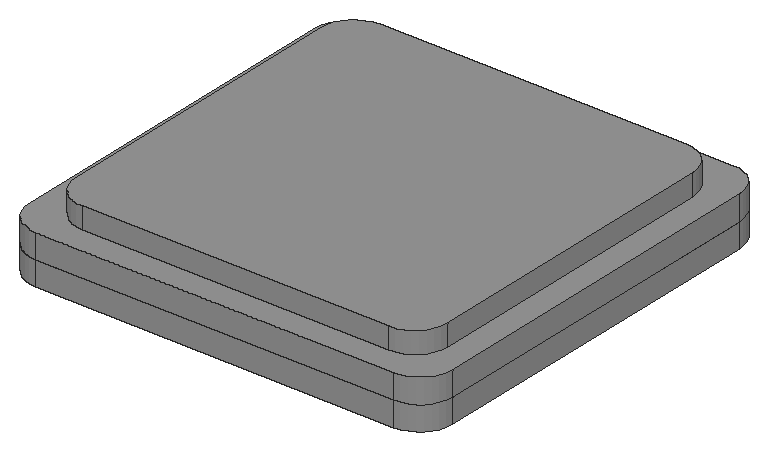
Revit family "FMS2_63_UN_Surface-mounted_ETK", category Lighting Fixtures, Revit 2019 (continued)
Definition of nested family "FMS.2 - Lightsource"
  Types (14, lengths in mm): name | Wattage Comments | Wattage | built-in parameter 1150134 | Photometric Web File | built-in parameter 1150142 | built-in parameter 1150105 | Lumens | built-in parameter 1150107 | built-in parameter 1150106 | Apparent Load
      3.2352\t462.4653\t461.567\t460.6688\r\n459.6422\t458.744\t457.7174\t456.6909\t455.6643\t454.5094\t453.4829\t452.4563\t451.3014\t449.505\r\n447.5802\t445.6554\t443.7306\t441.8058\t439.881\t437.8278\t435.6464\t433.5933\t431.5402\t429.487\r\n427.4339\t425.2525\t423.1994\t421.1462\t418.8365\t416.655\t414.4736\t412.2922\t410.1107\t407.801\r\n405.4912\t403.1814\t400.7434\t398.5619\t396.2522\t393.6858\t390.8627\t388.0397\t385.2166\t382.2653\r\n379.4422\t376.4909\t373.4112\t370.4598\t367.5085\t364.5571\t361.6058\t358.7827\t355.8314\t352.88\r\n349.9286\t346.9773\t344.1542\t341.2029\t338.2515\t335.1718\t332.2205\t329.2691\t326.3178\t323.1098\r\n319.7734\t316.3088\t312.8442\t309.3795\t306.0432\t302.7069\t299.2422\t295.9059\t292.5696\t289.2333\r\n285.897\t282.4323\t279.096\t275.7597\t272.295\t268.9587\t265.6224\t262.2861\t258.9498\t255.7418\r\n252.2771\t248.8125\t245.2195\t241.7549\t238.1619\t234.6973\t231.1043\t227.6397\t224.175\t220.7104\r\n217.1174\t213.7811\t210.3165\t206.8518\t203.3872\t200.0509\t196.5862\t193.2499\t189.7853\t186.3206\r\n182.5994\t179.0064\t175.5418\t171.9488\t168.3558\t164.8912\t161.4266\t157.8336\t154.2406\t150.776\r\n147.183\t143.7184\t140.2538\t136.6608\t133.1962\t129.7315\t126.3439\t122.9691\t119.5942\t116.2323\r\n112.8831\t109.5468\t106.2105\t102.8998\t99.602\t96.3042\t93.0192\t89.747\t86.4877\t83.2412\r\n79.9947\t76.7482\t73.8867\t71.0764\t68.2791\t65.4945\t62.71\t59.9383\t57.1794\t54.4205\r\n51.6745\t48.9284\t46.1952\t43.462\t40.7288\t38.0084\t34.8004\t29.7702\t24.7401\t19.71\r\n14.6798\t9.6548\t4.6259\t0\t0\t0\t0\t0\t0\t0\r\n0\r\n473.6291\t473.1158\t472.6026\t471.961\t471.4477\t470.8061\t470.2928\t469.6512\t469.0096\t468.368\r\n467.7264\t466.9565\t466.1866\t465.4166\t464.6467\t463.8768\t463.1069\t462.337\t461.567\t460.7971\r\n459.8989\t458.8723\t457.9741\t457.0758\t456.0493\t455.0227\t453.9962\t452.0714\t450.2749\t448.4784\r\n446.6819\t444.7571\t442.8323\t440.9075\t438.9827\t437.0579\t435.1331\t433.2083\t431.1552\t429.1021\r\n427.049\t424.9958\t422.9427\t420.8896\t418.7082\t416.655\t414.6019\t412.5488\t410.3674\t408.1859\r\n406.0045\t403.823\t401\t398.177\t395.4822\t392.5309\t389.7078\t386.7565\t383.9334\t381.2387\r\n378.4157\t375.5926\t372.7696\t369.9466\t367.1235\t364.3005\t361.4774\t358.6544\t355.703\t352.88\r\n350.057\t347.2339\t344.2826\t341.4595\t338.5082\t335.1718\t331.8355\t328.6275\t325.2912\t321.9549\r\n318.6186\t315.2822\t311.9459\t308.6096\t305.2733\t301.937\t298.6006\t295.2643\t291.928\t288.72\r\n285.3837\t282.0474\t278.8394\t275.503\t272.295\t268.9587\t265.4941\t261.9011\t258.4365\t254.9718\r\n251.5072\t248.0426\t244.5779\t241.1133\t237.5203\t234.0557\t230.591\t227.1264\t223.6618\t220.1971\r\n216.8608\t213.3962\t209.9315\t206.5952\t203.2589\t199.7942\t196.2013\t192.6083\t189.0154\t185.4224\r\n181.8294\t178.2365\t174.6435\t171.1789\t167.5859\t164.1213\t160.5283\t157.0637\t153.599\t150.1344\r\n146.5414\t143.0768\t139.6122\t136.1475\t132.8112\t129.3466\t125.9461\t122.5584\t119.1708\t115.796\r\n112.4212\t109.0592\t105.71\t102.3609\t99.0245\t95.7011\t92.3904\t89.0797\t85.7819\t82.5483\r\n79.6739\t76.8124\t73.9508\t71.1021\t68.2534\t65.4175\t62.5817\t59.7458\t56.9099\t54.0997\r\n51.2767\t48.4665\t45.6563\t42.8589\t40.0615\t36.43\t31.4641\t26.4981\t21.5321\t16.5533\r\n11.5873\t6.6187\t1.6476\t0\t0\t0\t0\t0\t0\t0\r\n0\r\n473.6291\t473.1158\t472.4742\t471.961\t471.3194\t470.6778\t470.1645\t469.5229\t468.8813\t468.2397\r\n467.5981\t466.9565\t466.1866\t465.4166\t464.6467\t463.8768\t463.1069\t462.337\t461.567\t460.7971\r\n460.0272\t459.2573\t458.359\t457.4608\t456.5626\t455.0227\t453.2262\t451.4298\t449.6333\t447.7085\r\n445.912\t444.1155\t442.1907\t440.3942\t438.4694\t436.5446\t434.6198\t432.695\t430.7702\t428.8454\r\n426.9206\t424.9958\t423.071\t421.0179\t418.9648\t417.04\t414.9869\t412.9338\t410.7523\t408.0576\r\n405.3629\t402.6682\t399.9734\t397.2787\t394.584\t391.761\t389.0662\t386.2432\t383.5485\t380.7254\r\n377.9024\t375.2077\t372.3846\t369.6899\t366.8669\t364.1722\t361.3491\t358.6544\t355.9597\t353.265\r\n350.4419\t347.3622\t344.0259\t340.8179\t337.4816\t334.1453\t330.9373\t327.601\t324.393\t321.0566\r\n317.8486\t314.5123\t311.3043\t307.968\t304.76\t301.552\t298.344\t295.0077\t291.7997\t288.5917\r\n285.2554\t282.0474\t278.711\t275.1181\t271.6534\t268.1888\t264.7242\t261.2595\t257.7949\t254.4586\r\n250.9939\t247.5293\t244.0646\t240.6\t237.2637\t233.799\t230.3344\t226.9981\t223.5334\t220.0688\r\n216.7325\t213.2678\t209.6749\t206.0819\t202.489\t199.0243\t195.4314\t191.8384\t188.2454\t184.7808\r\n181.1878\t177.7232\t174.1302\t170.5373\t167.0726\t163.4797\t160.015\t156.5504\t152.9574\t149.4928\r\n146.0282\t142.6918\t139.2272\t135.8909\t132.4262\t129.0899\t125.7023\t122.3018\t118.9141\t115.5265\r\n112.1388\t108.764\t105.3892\t102.0144\t98.6396\t95.2776\t91.9156\t88.6306\t85.6664\t82.7279\r\n79.7765\t76.8508\t73.9252\t71.0123\t68.0994\t65.2122\t62.325\t59.4507\t56.5635\t53.6891\r\n50.8276\t47.966\t45.0916\t42.2429\t38.4703\t33.5428\t28.6154\t23.675\t18.7476\t13.8201\r\n8.8849\t3.9535\t0\t0\t0\t0\t0\t0\t0\t0\r\n0\r\n473.6291\t473.1158\t472.4742\t471.8326\t471.191\t470.6778\t470.0362\t469.3946\t468.753\t468.1114\r\n467.4698\t466.8282\t466.1866\t465.4166\t464.6467\t464.0051\t463.2352\t462.4653\t461.6954\t460.9254\r\n460.1555\t459.3856\t458.6157\t457.8458\t456.1776\t454.3811\t452.5846\t450.7882\t448.9917\t447.1952\r\n445.3987\t443.6022\t441.8058\t440.0093\t438.2128\t436.288\t434.4915\t432.5667\t430.6419\t428.8454\r\n426.9206\t424.9958\t423.071\t421.1462\t419.3498\t417.425\t415.2435\t412.5488\t409.9824\t407.2877\r\n404.593\t401.8982\t399.2035\t396.5088\t393.9424\t391.1194\t388.553\t385.8582\t383.1635\t380.4688\r\n377.7741\t375.0794\t372.513\t369.8182\t366.9952\t364.3005\t361.6058\t358.911\t355.8314\t352.6234\r\n349.4154\t346.2074\t342.9994\t339.7914\t336.5834\t333.3754\t330.1674\t326.9594\t323.7514\t320.5434\r\n317.3354\t314.1274\t310.9194\t307.7114\t304.6317\t301.4237\t298.2157\t295.0077\t291.928\t288.4634\r\n284.9987\t281.5341\t278.0694\t274.6048\t271.1402\t267.6755\t264.2109\t260.7462\t257.4099\t253.9453\r\n250.609\t247.1443\t243.808\t240.3434\t237.007\t233.6707\t230.2061\t226.8698\t223.5334\t219.9405\r\n216.3475\t212.7546\t209.1616\t205.5686\t201.9757\t198.3827\t194.9181\t191.3251\t187.8605\t184.2675\r\n180.8029\t177.2099\t173.7453\t170.2806\t166.6877\t163.223\t159.6301\t156.1654\t152.7008\t149.2362\r\n145.7715\t142.3069\t138.9706\t135.5059\t132.0413\t128.705\t125.266\t121.8655\t118.4779\t115.0774\r\n111.6897\t108.3021\t104.9144\t101.5396\t98.1648\t94.79\t91.8001\t88.8231\t85.8461\t82.8691\r\n79.9049\t76.9407\t73.9893\t71.038\t68.0866\t65.1352\t62.1839\t59.2453\t56.294\t53.3555\r\n50.4169\t47.4784\t44.5399\t40.8956\t35.9809\t31.0791\t26.1644\t21.2626\t16.3608\t11.45\r\n6.5443\t1.6399\t0\t0\t0\t0\t0\t0\t0\t0\r\n0\r\n473.6291\t473.1158\t472.4742\t471.8326\t471.191\t470.5494\t469.9078\t469.2662\t468.6246\t467.983\r\n467.3414\t466.6998\t466.0582\t465.4166\t464.775\t464.0051\t463.3635\t462.5936\t461.8237\t461.1821\r\n460.4122\t459.6422\t458.8723\t457.2042\t455.4077\t453.7395\t452.0714\t450.2749\t448.6067\t446.9386\r\n445.1421\t443.3456\t441.5491\t439.7526\t437.9562\t436.1597\t434.3632\t432.5667\t430.7702\t428.9738\r\n427.1773\t425.2525\t423.456\t421.6595\t419.6064\t416.9117\t414.3453\t411.7789\t409.0842\t406.5178\r\n403.9514\t401.2566\t398.6902\t396.1238\t393.5574\t390.8627\t388.2963\t385.7299\t383.0352\t380.4688\r\n377.7741\t375.2077\t372.513\t369.8182\t367.2518\t364.5571\t361.3491\t358.2694\t355.0614\t351.8534\r\n348.7738\t345.5658\t342.3578\t339.2781\t336.0701\t332.9904\t329.7824\t326.5744\t323.4947\t320.2867\r\n317.207\t313.999\t310.791\t307.7114\t304.5034\t301.2954\t298.0874\t294.6227\t291.1581\t287.8218\r\n284.3571\t280.8925\t277.5562\t274.0915\t270.7552\t267.2906\t263.8259\t260.4896\t257.1533\t253.6886\r\n250.3523\t247.016\t243.5514\t240.215\t236.8787\t233.5424\t230.0778\t226.4848\t222.8918\t219.4272\r\n215.8342\t212.2413\t208.6483\t205.0554\t201.5907\t197.9978\t194.4048\t190.9402\t187.3472\t183.8826\r\n180.2896\t176.825\t173.3603\t169.7674\t166.3027\t162.8381\t159.3734\t155.9088\t152.4442\t148.9795\r\n145.5149\t142.1786\t138.7139\t135.2493\t131.913\t128.4483\t125.035\t121.6089\t118.1956\t114.7694\r\n111.3689\t107.9556\t104.5551\t101.1547\t97.9467\t94.944\t91.9284\t88.9258\t85.9102\t82.9076\r\n79.9049\t76.9022\t73.8995\t70.9096\t67.9069\t64.9171\t61.9272\t58.9374\t55.9604\t52.9705\r\n49.9935\t47.0036\t43.7186\t38.8296\t33.9278\t29.0388\t24.137\t19.248\t14.359\t9.4598\r\n4.5656\t0\t0\t0\t0\t0\t0\t0\t0\t0\r\n0\r\n473.6291\t472.9875\t472.3459\t471.7043\t471.191\t470.5494\t469.9078\t469.2662\t468.6246\t467.983\r\n467.3414\t466.6998\t466.0582\t465.4166\t464.6467\t464.0051\t463.3635\t462.7219\t462.0803\t461.3104\r\n460.6688\t459.8989\t458.4874\t456.8192\t455.151\t453.3546\t451.6864\t449.8899\t448.2218\t446.4253\r\n444.7571\t443.089\t441.2925\t439.6243\t437.8278\t436.1597\t434.3632\t432.5667\t430.7702\t428.9738\r\n427.1773\t425.3808\t423.7126\t421.4029\t418.8365\t416.3984\t413.832\t411.2656\t408.6992\t406.1328\r\n403.5664\t401\t398.4336\t395.8672\t393.3008\t390.7344\t388.168\t385.6016\t383.0352\t380.4688\r\n377.9024\t375.336\t372.7696\t370.0749\t367.1235\t363.9155\t360.8358\t357.6278\t354.5482\t351.4685\r\n348.2605\t345.1808\t342.1011\t339.0214\t335.8134\t332.7338\t329.6541\t326.4461\t323.3664\t320.1584\r\n317.0787\t313.999\t310.791\t307.7114\t304.375\t301.0387\t297.5741\t294.2378\t290.7731\t287.4368\r\n283.9722\t280.6358\t277.1712\t273.8349\t270.4986\t267.0339\t263.6976\t260.3613\t256.8966\t253.5603\r\n250.224\t246.8877\t243.423\t240.0867\t236.6221\t233.1574\t229.5645\t226.0998\t222.5069\t218.9139\r\n215.4493\t211.8563\t208.3917\t204.7987\t201.3341\t197.7411\t194.2765\t190.6835\t187.2189\t183.6259\r\n180.1613\t176.5683\t173.1037\t169.5107\t166.0461\t162.5814\t159.1168\t155.7805\t152.3158\t148.8512\r\n145.3866\t141.9219\t138.4573\t134.9926\t131.528\t128.1532\t124.7142\t121.2752\t117.8491\t114.4101\r\n110.984\t107.5578\t104.1188\t101.0007\t97.9723\t94.944\t91.9156\t88.8873\t85.8589\t82.8434\r\n79.815\t76.7995\t73.784\t70.7556\t67.7401\t64.7246\t61.7091\t58.6936\t55.678\t52.6625\r\n49.6598\t46.6443\t42.089\t37.2\t32.2981\t27.4092\t22.5073\t17.6183\t12.7255\t7.8314\r\n2.9372\t0\t0\t0\t0\t0\t0\t0\t0\t0\r\n0\r\n473.6291\t472.9875\t472.3459\t471.7043\t471.0627\t470.4211\t469.7795\t469.1379\t468.4963\t467.8547\r\n467.2131\t466.5715\t465.9299\t465.2883\t464.6467\t464.0051\t463.3635\t462.7219\t462.0803\t461.4387\r\n460.7971\t459.7706\t458.1024\t456.5626\t454.7661\t453.0979\t451.4298\t449.7616\t448.0934\t446.4253\r\n444.6288\t442.9606\t441.2925\t439.496\t437.8278\t436.1597\t434.3632\t432.695\t430.8986\t429.2304\r\n427.4339\t425.7658\t423.456\t421.0179\t418.4515\t415.8851\t413.447\t410.8806\t408.3142\t405.8762\r\n403.3098\t400.7434\t398.177\t395.6106\t393.0442\t390.6061\t388.0397\t385.4733\t383.0352\t380.4688\r\n377.9024\t375.336\t372.6413\t369.5616\t366.4819\t363.4022\t360.3226\t357.2429\t354.1632\t351.0835\r\n348.0038\t344.9242\t341.7162\t338.6365\t335.5568\t332.4771\t329.3974\t326.3178\t323.2381\t320.1584\r\n317.0787\t313.999\t310.9194\t307.4547\t304.1184\t300.6538\t297.3174\t293.9811\t290.5165\t287.1802\r\n283.8438\t280.3792\t277.0429\t273.7066\t270.3702\t266.9056\t263.5693\t260.233\t256.7683\t253.432\r\n250.0957\t246.7594\t243.2947\t239.8301\t236.2371\t232.7725\t229.1795\t225.7149\t222.2502\t218.6573\r\n215.1926\t211.5997\t208.135\t204.5421\t201.0774\t197.6128\t194.0198\t190.5552\t187.0906\t183.4976\r\n180.033\t176.5683\t172.9754\t169.5107\t166.0461\t162.5814\t159.1168\t155.6522\t152.1875\t148.7229\r\n145.2582\t141.7936\t138.329\t134.8643\t131.3997\t127.9864\t124.5346\t121.0699\t117.6181\t114.1663\r\n110.7145\t107.2627\t104.1188\t101.0648\t98.0236\t94.9825\t91.9413\t88.9001\t85.8589\t82.8177\r\n79.7765\t76.7354\t73.707\t70.6658\t67.6246\t64.5835\t61.5551\t58.5139\t55.4727\t52.4444\r\n49.4032\t45.7461\t40.8571\t35.9553\t31.0534\t26.1516\t21.2626\t16.3608\t11.459\t6.5597\r\n1.6617\t0\t0\t0\t0\t0\t0\t0\t0\t0\r\n0\r\n473.6291\t472.9875\t472.3459\t471.7043\t471.0627\t470.4211\t469.7795\t469.1379\t468.4963\t467.8547\r\n467.2131\t466.5715\t465.9299\t465.2883\t464.6467\t464.0051\t463.3635\t462.7219\t462.0803\t461.4387\r\n460.7971\t459.5139\t457.8458\t456.1776\t454.5094\t452.8413\t451.1731\t449.505\t447.8368\t446.1686\r\n444.5005\t442.9606\t441.2925\t439.6243\t437.9562\t436.288\t434.6198\t432.8234\t431.1552\t429.487\r\n427.8189\t425.7658\t423.1994\t420.7613\t418.1949\t415.7568\t413.1904\t410.7523\t408.1859\t405.6195\r\n403.1814\t400.615\t398.177\t395.6106\t393.0442\t390.6061\t388.0397\t385.6016\t383.0352\t380.5971\r\n378.0307\t375.4643\t372.3846\t369.305\t366.2253\t363.1456\t360.0659\t356.9862\t353.9066\t350.8269\r\n347.7472\t344.6675\t341.5878\t338.5082\t335.4285\t332.4771\t329.3974\t326.3178\t323.2381\t320.1584\r\n317.0787\t313.999\t310.6627\t307.1981\t303.8618\t300.5254\t297.1891\t293.8528\t290.3882\t287.0518\r\n283.7155\t280.3792\t276.9146\t273.5782\t270.2419\t266.9056\t263.5693\t260.1046\t256.7683\t253.432\r\n250.0957\t246.631\t243.1664\t239.7018\t236.1088\t232.6442\t229.0512\t225.5866\t221.9936\t218.529\r\n215.0643\t211.4714\t208.0067\t204.4138\t200.9491\t197.4845\t193.8915\t190.4269\t186.8339\t183.3693\r\n179.9046\t176.3117\t172.847\t169.3824\t165.9178\t162.4531\t158.9885\t155.5238\t152.0592\t148.5946\r\n145.1299\t141.7936\t138.329\t134.8643\t131.3997\t127.8965\t124.4319\t120.9801\t117.5155\t114.0636\r\n110.599\t107.314\t104.26\t101.1932\t98.1391\t95.0723\t92.0183\t88.9514\t85.8974\t82.8306\r\n79.7765\t76.7225\t73.6557\t70.6017\t67.5476\t64.4936\t61.4396\t58.3856\t55.3188\t52.2647\r\n49.2107\t44.8607\t39.9588\t35.057\t30.1552\t25.2534\t20.3516\t15.4497\t10.5453\t5.6435\r\n0.741\t0\t0\t0\t0\t0\t0\t0\t0\t0\r\n0\r\n473.6291\t472.9875\t472.3459\t471.7043\t471.0627\t470.4211\t469.7795\t469.1379\t468.4963\t467.8547\r\n467.2131\t466.5715\t465.9299\t465.2883\t464.6467\t464.0051\t463.3635\t462.7219\t462.0803\t461.567\r\n460.9254\t459.2573\t457.5891\t456.0493\t454.3811\t452.713\t451.0448\t449.3766\t447.7085\t446.0403\r\n444.3722\t442.704\t441.1642\t439.496\t437.8278\t436.1597\t434.4915\t432.8234\t431.1552\t429.487\r\n427.8189\t425.5091\t422.9427\t420.5046\t417.9382\t415.5002\t413.0621\t410.4957\t408.0576\t405.4912\r\n403.0531\t400.615\t398.0486\t395.6106\t393.0442\t390.6061\t388.0397\t385.6016\t383.1635\t380.5971\r\n378.159\t375.2077\t372.128\t369.0483\t366.097\t363.0173\t359.9376\t356.9862\t353.9066\t350.8269\r\n347.7472\t344.7958\t341.7162\t338.6365\t335.5568\t332.6054\t329.5258\t326.4461\t323.3664\t320.2867\r\n317.207\t313.999\t310.5344\t307.1981\t303.8618\t300.3971\t297.0608\t293.7245\t290.3882\t286.9235\r\n283.5872\t280.2509\t276.9146\t273.5782\t270.1136\t266.7773\t263.441\t260.1046\t256.7683\t253.3037\r\n249.9674\t246.5027\t243.0381\t239.4451\t235.9805\t232.5158\t228.9229\t225.4582\t221.9936\t218.4006\r\n214.936\t211.4714\t207.8784\t204.4138\t200.9491\t197.3562\t193.8915\t190.4269\t186.8339\t183.3693\r\n179.9046\t176.44\t172.9754\t169.5107\t166.0461\t162.5814\t159.1168\t155.6522\t152.1875\t148.7229\r\n145.2582\t141.7936\t138.329\t134.8643\t131.3997\t127.8709\t124.4062\t120.9416\t117.477\t114.0123\r\n110.5477\t107.4295\t104.3627\t101.2958\t98.229\t95.1621\t92.0953\t89.0284\t85.9616\t82.8947\r\n79.8279\t76.761\t73.6942\t70.6273\t67.5605\t64.4936\t61.4268\t58.3599\t55.2931\t52.2262\r\n49.1594\t44.3859\t39.4712\t34.5566\t29.6548\t24.7401\t19.8254\t14.9236\t10.0077\t5.0969\r\n0.1859\t0\t0\t0\t0\t0\t0\t0\t0\t0\r\n0\r\n473.6291\t472.9875\t472.4742\t471.8326\t471.191\t470.5494\t469.9078\t469.2662\t468.6246\t467.983\r\n467.3414\t466.6998\t466.0582\t465.4166\t464.775\t464.1334\t463.4918\t462.8502\t462.2086\t461.567\r\n460.9254\t459.2573\t457.7174\t456.0493\t454.3811\t452.713\t451.0448\t449.3766\t447.7085\t446.0403\r\n444.5005\t442.8323\t441.1642\t439.496\t437.8278\t436.1597\t434.4915\t432.8234\t431.2835\t429.6154\r\n427.9472\t425.3808\t422.9427\t420.3763\t417.9382\t415.5002\t412.9338\t410.4957\t407.9293\t405.4912\r\n402.9248\t400.4867\t397.9203\t395.4822\t393.0442\t390.4778\t388.0397\t385.4733\t383.0352\t380.4688\r\n378.0307\t374.951\t371.9997\t368.92\t365.8403\t362.889\t359.8093\t356.7296\t353.7782\t350.6986\r\n347.6189\t344.6675\t341.5878\t338.5082\t335.5568\t332.4771\t329.3974\t326.4461\t323.3664\t320.2867\r\n317.3354\t313.8707\t310.5344\t307.1981\t303.8618\t300.5254\t297.0608\t293.7245\t290.3882\t287.0518\r\n283.7155\t280.2509\t276.9146\t273.5782\t270.2419\t266.9056\t263.441\t260.1046\t256.7683\t253.432\r\n249.9674\t246.5027\t243.0381\t239.5734\t235.9805\t232.5158\t229.0512\t225.4582\t221.9936\t218.529\r\n215.0643\t211.4714\t208.0067\t204.5421\t200.9491\t197.4845\t194.0198\t190.4269\t186.9622\t183.4976\r\n180.033\t176.5683\t172.9754\t169.5107\t166.0461\t162.5814\t159.1168\t155.6522\t152.1875\t148.7229\r\n145.2582\t141.7936\t138.329\t134.8643\t131.3997\t127.935\t124.4704\t121.0058\t117.5283\t114.0636\r\n110.599\t107.5322\t104.4525\t101.3856\t98.3188\t95.2519\t92.1851\t89.1182\t86.0514\t82.9717\r\n79.9049\t76.838\t73.7712\t70.7043\t67.6375\t64.5706\t61.5038\t58.4241\t55.3572\t52.2904\r\n49.2236\t44.2961\t39.3814\t34.4539\t29.5393\t24.6118\t19.6843\t14.7696\t9.8447\t4.9224\r\n0\t0\t0\t0\t0\t0\t0\t0\t0\t0\r\n0\r\n473.6291\t472.9875\t472.3459\t471.8326\t471.191\t470.5494\t469.9078\t469.2662\t468.6246\t467.983\r\n467.3414\t466.6998\t466.0582\t465.4166\t464.6467\t464.0051\t463.3635\t462.7219\t462.0803\t461.4387\r\n460.7971\t459.2573\t457.5891\t455.921\t454.2528\t452.713\t451.0448\t449.3766\t447.7085\t446.0403\r\n444.3722\t442.8323\t441.1642\t439.496\t437.8278\t436.1597\t434.4915\t432.9517\t431.2835\t429.6154\r\n427.9472\t425.6374\t423.071\t420.633\t418.1949\t415.6285\t413.1904\t410.624\t408.1859\t405.6195\r\n403.1814\t400.615\t398.177\t395.6106\t393.1725\t390.6061\t388.168\t385.7299\t383.1635\t380.7254\r\n378.159\t375.2077\t372.128\t369.1766\t366.097\t363.0173\t359.9376\t356.8579\t353.9066\t350.8269\r\n347.7472\t344.6675\t341.7162\t338.6365\t335.5568\t332.4771\t329.3974\t326.4461\t323.3664\t320.2867\r\n317.207\t313.999\t310.6627\t307.1981\t303.8618\t300.5254\t297.1891\t293.8528\t290.5165\t287.0518\r\n283.7155\t280.3792\t277.0429\t273.7066\t270.3
